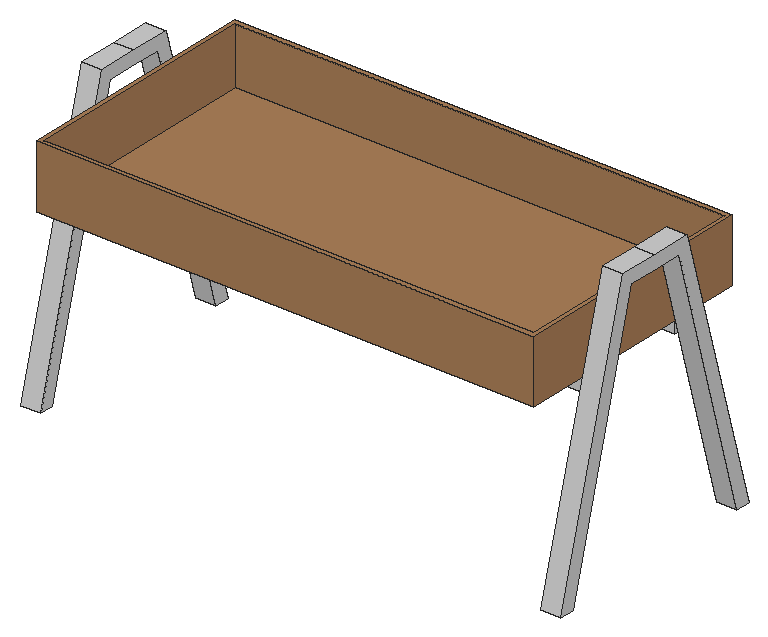
Revit family "Stack Table-LivingDivani", category Furniture, Revit 2013
Parameters (values of type "Stack Table 10cm")
  URL = "http://www.livingdivani.it"
  Tavolo5 = no
  Tavolo15 = no
  Tavolo10 = yes
  Model = "Stack Table"
  Mat. Legno = Wood Shake
  Mat. Struttura = Steel, Polished
  Manufacturer = "LivingDivani"
  Codice prodotto = "STAV0813"
Types (4, lengths in cm): name | Tavolo5 | Tavolo15 | Tavolo10
  (no name) | no | no | yes
  Stack Table 5cm | yes | no | no
  Stack Table 10cm | no | no | yes
  Stack Table 15cm | no | yes | no
Reference planes (cm)
  plane 1 "Centro (Fronte/Retro)": y = 0
  plane 2: z = 0
  plane 3 "Centro (Sinistra/Destra)": x = 0
Forms (cm)
  Extrusion 1, solid, material "Steel, Polished" <- "Mat. Struttura", visible <- "Tavolo15"
    sketch origin (0, 0, 0) x (0, 1, 0) y (0, 0, 1)
      loop
        line (-15.4228, 0) -> (-4.4838, 39) -> (0, 39) -> (4.4838, 39) -> (15.4228, 0) -> (17.5, 0) -> (6, 41) -> (0, 41) -> (-6, 41) -> (-17.5, 0) -> (-15.4228, 0)
    from 37.5 to 40.5
  Extrusion 2, solid, material "Steel, Polished" <- "Mat. Struttura", visible <- "Tavolo15"
    sketch origin (-78, 0, 0) x (0, 1, 0) y (0, 0, 1)
      loop
        line (-15.4228, 0) -> (-4.4838, 39) -> (0, 39) -> (4.4838, 39) -> (15.4228, 0) -> (17.5, 0) -> (6, 41) -> (0, 41) -> (-6, 41) -> (-17.5, 0) -> (-15.4228, 0)
    from 37.5 to 40.5
  Extrusion 3, solid, material "Steel, Polished" <- "Mat. Struttura", visible <- "Tavolo15"
    sketch origin (0, -10.935, 0) x (1, 0, 0) y (0, 0, 1)
      loop
        line (-37.5, 18) -> (-37.5, 16) -> (37.5, 16) -> (37.5, 18) -> (-37.5, 18)
    from 0 to 1.2
  Extrusion 4, solid, material "Steel, Polished" <- "Mat. Struttura", visible <- "Tavolo15"
    sketch origin (0, 12.135, 0) x (1, 0, 0) y (0, 0, 1)
      loop
        line (-37.5, 18) -> (-37.5, 16) -> (37.5, 16) -> (37.5, 18) -> (-37.5, 18)
    from 0 to 1.2
  Extrusion 5, solid, material "Wood Shake" <- "Mat. Legno", visible <- "Tavolo15"
    sketch origin (0, 0, 0) x (1, 0, 0) y (0, 1, 0)
      loop
        line (-36.65, 17.9) -> (-36.65, -17.9) -> (36.65, -17.9) -> (36.65, 17.9) -> (-36.65, 17.9)
    from 18 to 19
  Extrusion 6, solid, material "Wood Shake" <- "Mat. Legno", visible <- "Tavolo15"
    sketch origin (0, 0, 0) x (1, 0, 0) y (0, 1, 0)
      loop
        line (-37.25, 18.5) -> (-37.25, -18.5) -> (37.25, -18.5) -> (37.25, 18.5) -> (-37.25, 18.5)
      loop
        line (-36.65, 17.9) -> (-36.65, -17.9) -> (36.65, -17.9) -> (36.65, 17.9) -> (-36.65, 17.9)
    from 18 to 32.5
  Extrusion 7, solid, material "Steel, Polished" <- "Mat. Struttura", visible <- "Tavolo10"
    sketch origin (0, 0, 0) x (0, 1, 0) y (0, 0, 1)
      loop
        line (-15.4228, 0) -> (-4.4838, 39) -> (0, 39) -> (4.4838, 39) -> (15.4228, 0) -> (17.5, 0) -> (6, 41) -> (0, 41) -> (-6, 41) -> (-17.5, 0) -> (-15.4228, 0)
    from 37.5 to 40.5
  Extrusion 8, solid, material "Steel, Polished" <- "Mat. Struttura", visible <- "Tavolo10"
    sketch origin (-78, 0, 0) x (0, 1, 0) y (0, 0, 1)
      loop
        line (-15.4228, 0) -> (-4.4838, 39) -> (0, 39) -> (4.4838, 39) -> (15.4228, 0) -> (17.5, 0) -> (6, 41) -> (0, 41) -> (-6, 41) -> (-17.5, 0) -> (-15.4228, 0)
    from 37.5 to 40.5
  Extrusion 9, solid, material "Steel, Polished" <- "Mat. Struttura", visible <- "Tavolo10"
    sketch origin (0, -8.2704, 9.5) x (1, 0, 0) y (0, 0, 1)
      loop
        line (-37.5, 18) -> (-37.5, 16) -> (37.5, 16) -> (37.5, 18) -> (-37.5, 18)
    from 0 to 1.2
  Extrusion 10, solid, material "Steel, Polished" <- "Mat. Struttura", visible <- "Tavolo10"
    sketch origin (-0.6, 9.4704, 9.5) x (1, 0, 0) y (0, 0, 1)
      loop
        line (-37.5, 18) -> (-37.5, 16) -> (37.5, 16) -> (37.5, 18) -> (-37.5, 18)
    from 0 to 1.2
  Extrusion 11, solid, material "Wood Shake" <- "Mat. Legno", visible <- "Tavolo10"
    sketch origin (0, 0, 0) x (1, 0, 0) y (0, 1, 0)
      loop
        line (-37.25, 18.5) -> (-37.25, -18.5) -> (37.25, -18.5) -> (37.25, 18.5) -> (-37.25, 18.5)
      loop
        line (-36.65, 17.9) -> (-36.65, -17.9) -> (36.65, -17.9) -> (36.65, 17.9) -> (-36.65, 17.9)
    from 27.5 to 37
  Extrusion 12, solid, material "Steel, Polished" <- "Mat. Struttura", visible <- "Tavolo5"
    sketch origin (0, 0, 0) x (0, 1, 0) y (0, 0, 1)
      loop
        line (-15.4228, 0) -> (-4.4838, 39) -> (0, 39) -> (4.4838, 39) -> (15.4228, 0) -> (17.5, 0) -> (6, 41) -> (0, 41) -> (-6, 41) -> (-17.5, 0) -> (-15.4228, 0)
    from 37.5 to 40.5
  Extrusion 13, solid, material "Steel, Polished" <- "Mat. Struttura", visible <- "Tavolo5"
    sketch origin (-78, 0, 0) x (0, 1, 0) y (0, 0, 1)
      loop
        line (-15.4228, 0) -> (-4.4838, 39) -> (0, 39) -> (4.4838, 39) -> (15.4228, 0) -> (17.5, 0) -> (6, 41) -> (0, 41) -> (-6, 41) -> (-17.5, 0) -> (-15.4228, 0)
    from 37.5 to 40.5
  Extrusion 14, solid, material "Steel, Polished" <- "Mat. Struttura", visible <- "Tavolo5"
    sketch origin (0, -7.0362, 13.9) x (1, 0, 0) y (0, 0, 1)
      loop
        line (-37.5, 18) -> (-37.5, 16) -> (37.5, 16) -> (37.5, 18) -> (-37.5, 18)
    from 0 to 1.2
  Extrusion 15, solid, material "Steel, Polished" <- "Mat. Struttura", visible <- "Tavolo5"
    sketch origin (-0.6, 8.2362, 13.9) x (1, 0, 0) y (0, 0, 1)
      loop
        line (-37.5, 18) -> (-37.5, 16) -> (37.5, 16) -> (37.5, 18) -> (-37.5, 18)
    from 0 to 1.2
  Extrusion 16, solid, material "Wood Shake" <- "Mat. Legno", visible <- "Tavolo5"
    sketch origin (0, 0, 0) x (1, 0, 0) y (0, 1, 0)
      loop
        line (-36.65, 17.9) -> (-36.65, -17.9) -> (36.65, -17.9) -> (36.65, 17.9) -> (-36.65, 17.9)
    from 31.9 to 32.9
  Extrusion 17, solid, material "Wood Shake" <- "Mat. Legno", visible <- "Tavolo5"
    sketch origin (0, 0, 0) x (1, 0, 0) y (0, 1, 0)
      loop
        line (-37.25, 18.5) -> (-37.25, -18.5) -> (37.25, -18.5) -> (37.25, 18.5) -> (-37.25, 18.5)
      loop
        line (-36.65, 17.9) -> (-36.65, -17.9) -> (36.65, -17.9) -> (36.65, 17.9) -> (-36.65, 17.9)
    from 31.9 to 36.4
  Extrusion 18, solid, material "Wood Shake" <- "Mat. Legno", visible <- "Tavolo10"
    sketch origin (0, 0, 0) x (1, 0, 0) y (0, 1, 0)
      loop
        line (-36.65, 17.9) -> (-36.65, -17.9) -> (36.65, -17.9) -> (36.65, 17.9) -> (-36.65, 17.9)
    from 27.5 to 28.5
Cuts and joins
  joined: Extrusion 1, Extrusion 2, Extrusion 3, Extrusion 4
  joined: Extrusion 5, Extrusion 6
Dimensions and locks (cm)
  aligned and locked: level to plane 2
